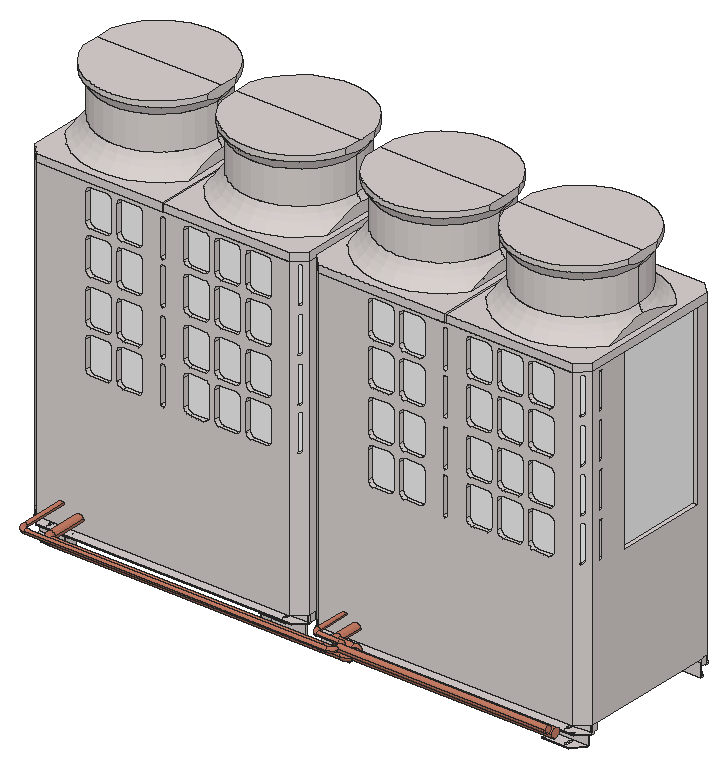
Revit family "PURY-EP900YSNW-A1", category 機械設備, Revit 2016
Family settings
  パーツ タイプ = 標準
  丸型コネクタ寸法 = 半径を使用
  OmniClass 番号 = 23.75.00.00
  OmniClass タイトル = Climate Control (HVAC)
  作業面に基づく = いいえ
  常に垂直 = はい
  ロード時にボイドで切り取り = いいえ
  共有 = いいえ
  部屋の計算ポイント = いいえ
Parameters (values of type "PURY-EP900YSNW-A1_415V_60Hz")
  WarrantyStart = ""
  Temp. range of cooling (Outdoor temp.) (D.B.) = "-5.0 to 52.0"
  Temp. range of cooling (Indoor temp.) (W.B.) = "15.0 to 24.0"
  TagNumber = 0
  SerialNumber = 0
  ReplacementYear = ""
  Outdoor unit 2 Breaker size (A) = 60
  Outdoor unit 1 Breaker size (A) = 60
  Note_1 = "Refrigerant pipe diameters may change depending on the installation condition. Please refer to the installation manual."
  モデル = "PURY-EP900YSNW-A1"
  Width = 2510.000 mm
  Voltage = 415 V
  Unit Weight (kg) = 602
  URL = "http://www.mitsubishielectric.com/"
  Temp. range of heating (Outdoor temp.) (W.B.) = "-20.0 to 15.5"
  Temp. range of heating (Indoor temp.) (D.B.) = "15.0 to 27.0"
  Subcategory = "HVAC"
  Space View = yes
  Sound Pressure Level (dB(A)) Heating mode = 73
  Sound Pressure Level (dB(A)) Cooling mode = 68.5
  Refrigerant type = "R410A"
  Refrigerant Charge (kg) = 21.6
  Protection Devices_Inverter circuit (COMP./FAN) = "Over-current protection"
  Protection Devices_High pressure (MPa) = "High pressure sensor, High pressure switch at 4.15"
  Phase = 3
  製造元 = "Mitsubishi Electric Corporation"
  Outdoor unit 2 = PURY-EP450YNW-A1 : PURY-EP450YNW-A1
  Outdoor unit 1 = PURY-EP450YNW-A1 : PURY-EP450YNW-A1
  Maximum Circuit Ampacity (A) = 69.2
  Low pressure pipe_radius = 20.640 mm
  InstallationDate = ""
  Indoor Unit Total Capacity = "50 to 150% of outdoor unit capacity"
  Indoor Unit Model/Quantity = "P10 to P250/2 to 50"
  High pressure pipe_radius = 14.290 mm
  Hertz = 60 Hz
  Height = 1858.000 mm
  Heating SCOP (kW/kW) = 3.97
  Heating Rated Load Ampacity (A) = 46.9
  Heating Power Input (kW) = 30.37
  Heating Power Input (Nominal) (kW) = 25.31
  Heating Current Input (Nominal) (A) = 39.1
  Heating Current Input (A) = 46.9
  Heating Capacity (kW) = 113
  Heating Capacity (Nominal) (kW) = 101
  Heating COP (kW/kW) = 3.72
  Heating COP (Nominal) (kW/kW) = 3.99
  Fan_Type = "Propeller Fan"
  Fan_Quantity = 4
  Fan Motor Output (kW) = 1.84
  External static pressure (Pa) = 0
  External Finish = "Pre-coated galvanized steel sheets (+powder coating for -BS type) <MUNSELL 5Y 8/1 or similar>"
  Equip_description = ""
  Equip_No. = 0
  Equip_ID = ""
  Description = ""
  Depth = 740.000 mm
  CreatedOn = ""
  CreatedBy = ""
  Cooling SEER (kW/kW) = 6.56
  Cooling Rated Load Ampacity (A) = 44.5
  Cooling Power Input (kW) = 28.85
  Cooling EER (kW/kW) = 3.5
  Cooling Current Input (A) = 44.5
  Cooling Capacity (kW) = 101
  Compressor_Type = "Inverter scroll hermetic compressor"
  Compressor_Quantity = 2
  Compressor_Lubricant = "MEL32"
  Compressor Motor Output (kW) = 23.4
  Category = ""
  Barcode = ""
  AssetIdentifier = ""
  Airflow Rate (m3/min) = 630
  Airflow Rate (m3/h) = 37800
Reference planes
  plane 1 "Center (Front/Back)": y = 0
  plane 2: z = 0
  plane 3 "Center (Left/Right)": x = 0
  plane 4: y = 370
  plane 5 "front": y = -370
  plane 6: x = -1255
  plane 7: x = 1255
  plane 8: x = 15
  plane 9: x = -15
  plane 10: z = 1858
Forms (mm)
  Sweep 1, solid, material "Copper"
    path origin (1017.215, -4.248, 187) x (0, -1, 0) y (1, 0, 0)
      loop
        line (360, -2112.386) -> (570, -2112.386)
        arc (570, -2112.386) -> (591.213, -2103.6) -> (600, -2082.386) r 30
        line (600, -2082.386) -> (600, -725.507)
        arc (600, -725.507) -> (594.142, -711.365) -> (580, -705.507) r 20
        line (580, -705.507) -> (552.385, -705.507)
        arc (552.385, -705.507) -> (538.243, -711.365) -> (532.385, -725.507) r 20
        line (532.385, -725.507) -> (532.385, -821.501)
        arc (532.385, -821.501) -> (526.527, -835.643) -> (512.385, -841.501) r 20
        line (512.385, -841.501) -> (357.385, -841.501)
    profile origin (-1095.172, -469.248, 187) x (1, 0, 0) y (0, 0, 1)
      loop
        circle (0, 0) r 9.525
  Sweep 2, solid, material "Copper"
    path origin (1039.386, -4.248, 155) x (0, -1, 0) y (1, 0, 0)
      loop
        line (360, -2053) -> (525, -2053)
        arc (525, -2053) -> (546.213, -2044.213) -> (555, -2023) r 30
        line (555, -2023) -> (555, -800.253) -> (555, -715.253)
        arc (555, -715.253) -> (549.142, -701.111) -> (535, -695.253) r 20
        line (535, -695.253) -> (510, -695.253)
        arc (510, -695.253) -> (495.858, -701.111) -> (490, -715.253) r 20
        line (490, -715.253) -> (490, -786.253)
        arc (490, -786.253) -> (484.142, -800.395) -> (470, -806.253) r 20
        line (470, -806.253) -> (360, -806.253)
    profile origin (-1013.614, -446.748, 155) x (1, 0, 0) y (0, 0, 1)
      loop
        circle (0, 0) r 17.465
  Sweep 3, solid, material "Copper"
    path origin (934.386, -4.248, 187) x (0, -1, 0) y (1, 0, 0)
      loop
        line (565.96, -620) -> (565.96, 320.614)
    profile origin (784.693, -570.208, 187) x (0, 1, 0) y (0, 0, 1)
      loop
        circle (0, 0) r 14.29
  Sweep 4, solid, material "Copper"
    path origin (934.386, -4.248, 155.027) x (-1, 0, 0) y (0, -1, 0)
      loop
        line (585, 523.84) -> (-320, 523.84)
    profile origin (801.886, -528.088, 155.027) x (0, 1, 0) y (0, 0, 1)
      loop
        circle (0, 0) r 20.64
Dimensions and locks
  nested 1 to nested 1 = 1240.000 mm
  nested 1 to nested 2 to nested 2 = 30.000 mm, 1240.000 mm
  "High pressure pipe_radius": radius of Sweep 3 sketch curve
  "Low pressure pipe_radius": radius of Sweep 4 sketch curve
  aligned and locked: level to plane 2
Automatic sketch dimensions
  Sweep 1 sketch curve to plane 5 "front" = 8.366 mm
  Sweep 1 sketch curve to plane 5 "front" = 5.752 mm
  plane 5 "front" to Sweep 1 sketch curve = 146.634 mm
  Sweep 1 sketch curve to Sweep 1 sketch curve = 20.000 mm  (x2)
  plane 5 "front" to Sweep 1 sketch curve = 204.248 mm
  Sweep 1 sketch curve to Sweep 1 sketch curve = 27.615 mm
  Sweep 1 sketch curve to Sweep 1 sketch curve = 30.000 mm
  plane 6 to Sweep 1 sketch curve = 159.828 mm
  plane 3 "Center (Left/Right)" to Sweep 1 sketch curve = 175.714 mm
  Sweep 1 sketch curve to Sweep 1 sketch curve = 95.994 mm
  profile plane to Sweep 1 sketch curve = 0.000 mm
  Sweep 1 sketch curve to profile plane = 0.000 mm
  Sweep 2 sketch curve to plane 5 "front" = 5.752 mm  (x2)
  plane 5 "front" to Sweep 2 sketch curve = 104.248 mm
  Sweep 2 sketch curve to Sweep 2 sketch curve = 20.000 mm  (x3)
  plane 5 "front" to Sweep 2 sketch curve = 159.248 mm
  Sweep 2 sketch curve to Sweep 2 sketch curve = 25.000 mm
  plane 6 to Sweep 2 sketch curve = 241.386 mm
  plane 3 "Center (Left/Right)" to Sweep 2 sketch curve = 239.134 mm
  Sweep 2 sketch curve to Sweep 2 sketch curve = 6.000 mm
  Sweep 2 sketch curve to Sweep 2 sketch curve = 71.000 mm
  profile plane to Sweep 2 sketch curve = 0.000 mm
  Sweep 2 sketch curve to profile plane = 0.000 mm
  Sweep 3 sketch curve to plane 7 = 0.000 mm
  plane 5 "front" to Sweep 3 sketch curve = 200.208 mm
  plane 8 to Sweep 3 sketch curve = 299.386 mm
  Sweep 4 sketch curve to plane 7 = 0.614 mm
  plane 5 "front" to Sweep 4 sketch curve = 158.088 mm
  plane 8 to Sweep 4 sketch curve = 334.386 mm
  Sweep 3 sketch curve to profile plane = 0.000 mm  (x2)
  Sweep 4 sketch curve to profile plane = 0.000 mm  (x2)
  radius of Sweep 1 sketch curve = 9.525 mm
  radius of Sweep 2 sketch curve = 17.465 mm
Nested families
  nested 1: "PURY-EP450YNW-A1" at (-635, 0, 0), type <- "Outdoor unit 1", type "PURY-EP450YNW-A1"
  nested 2: "PURY-EP450YNW-A1" at (635, 0, 0), type <- "Outdoor unit 2", type "PURY-EP450YNW-A1"
Connectors
  piping at (1254.386, -528.088, 155.027), diameter 41.28, driven by "Low pressure pipe_radius"
    settings: on Sweep 4, index 1, connector inside diameter 41.28 mm, connector length 0.000 mm, flow factor 0, pipe flow 0.0 L/s, pressure drop 0.0 Pa, fitting loss kfactor 0, connector angle 0.00°, fixture units 0, engagement length 0.000 mm, angle of deflection 0.00°, flow configuration 0, flow direction 0, fitting loss method 0, system type 22, joint type 0, gender type 0, connector reference index -1, connector utility 0, adjustable connector no, is connector primary yes, connector description "BC controller-Twinning pipe(Low pressure)"
  piping at (1255, -570.208, 187), diameter 28.58, driven by "High pressure pipe_radius"
    settings: on Sweep 3, index 2, connector inside diameter 28.58 mm, connector length 0.000 mm, flow factor 0, pipe flow 0.0 L/s, pressure drop 0.0 Pa, fitting loss kfactor 0, connector angle 0.00°, fixture units 0, engagement length 0.000 mm, angle of deflection 0.00°, flow configuration 0, flow direction 0, fitting loss method 0, system type 22, joint type 0, gender type 0, connector reference index -1, connector utility 0, adjustable connector no, is connector primary no, connector description "BC controller-Twinning pipe(High pressure)"
  electrical at (319, -370, 280), driven by "Phase", driven by "Voltage"
    settings: index 4, voltage 415 V, apparent load 0 VA, apparent load phase1 0 VA, apparent load phase2 0 VA, apparent load phase3 0 VA, power factor 1, load classification "HVAC", number of poles 3, system type 30, power factor state 1, is connector primary yes, connector utility no, sub classification motor no, connector description ""
  electrical at (-633, -370, 280), driven by "Phase", driven by "Voltage"
    settings: index 5, voltage 415 V, apparent load 0 VA, apparent load phase1 0 VA, apparent load phase2 0 VA, apparent load phase3 0 VA, power factor 1, load classification "HVAC", number of poles 3, system type 30, power factor state 1, is connector primary no, connector utility no, sub classification motor no, connector description ""
Definition of nested family "PURY-EP450YNW-A1"
  Parameters
    Model = "PURY-P450YNW-A"
    URL = "http://www.mitsubishielectric.com/"
    Manufacturer = "Mitsubishi Electric Corporation"
    Liquid pipe_radius = 12.700 mm
    Gas pipe_radius = 14.290 mm
  Reference planes
    plane 1 "Center (Front/Back)": y = 0
    plane 2: z = 0
    plane 3 "Center (Left/Right)": x = 0
    plane 4: y = 370
    plane 5: z = 1858
    plane 6: y = -260
    plane 7: y = -204
    plane 8: y = -185
    plane 9: x = -620
    plane 10: x = 620
    plane 11: x = -620
    plane 12: z = 716
    plane 13: x = -524
    plane 14: z = 669
    plane 15: x = -50.5
    plane 16: x = 51
    plane 17: x = 489
    plane 18: x = 467
    plane 19 "132": x = 488
    plane 20 "100": z = 160
    plane 21: z = 185
    plane 22: x = 413
    plane 23: x = 364
    plane 24: z = 150
    plane 25: x = -287.25
    plane 26: x = -137.25
    plane 27: x = -272.25
    plane 28: y = -278
    plane 29: z = 1509
    plane 30: y = -370
    plane 31: x = -530
    plane 32: x = 530
    plane 33 "179": y = -191
  Forms (mm)
    Extrusion 1, solid
      sketch origin (-1, 0, 113) x (-1, 0, 0) y (0, -1, 0)
        loop
          line (569, -370) -> (619, -320) -> (619, 320) -> (569, 370) -> (-571, 370) -> (-621, 320) -> (-621, -320) -> (-571, -370) -> (569, -370)
      from -18 to 1408
    Extrusion 2, void
      sketch origin (524, -370, 113) x (1, 0, 0) y (0, 0, -1)
        loop
          arc (-60.8, -1393.5) -> (-42.557, -1385.943) -> (-35, -1367.7) r 25.8
          line (-35, -1367.7) -> (-35, -1248.5)
          arc (-35, -1248.5) -> (-42.557, -1230.257) -> (-60.8, -1222.7) r 25.8
          line (-60.8, -1222.7) -> (-126, -1222.7)
          arc (-126, -1222.7) -> (-144.243, -1230.257) -> (-151.8, -1248.5) r 25.8
          line (-151.8, -1248.5) -> (-151.8, -1367.7)
          arc (-151.8, -1367.7) -> (-144.243, -1385.943) -> (-126, -1393.5) r 25.8
          line (-126, -1393.5) -> (-60.8, -1393.5)
      from 0 to 20
    Extrusion 3, void
      sketch origin (524, -370, -81) x (1, 0, 0) y (0, 0, -1)
        loop
          arc (-60.8, -1393.5) -> (-42.557, -1385.943) -> (-35, -1367.7) r 25.8
          line (-35, -1367.7) -> (-35, -1248.5)
          arc (-35, -1248.5) -> (-42.557, -1230.257) -> (-60.8, -1222.7) r 25.8
          line (-60.8, -1222.7) -> (-126, -1222.7)
          arc (-126, -1222.7) -> (-144.243, -1230.257) -> (-151.8, -1248.5) r 25.8
          line (-151.8, -1248.5) -> (-151.8, -1367.7)
          arc (-151.8, -1367.7) -> (-144.243, -1385.943) -> (-126, -1393.5) r 25.8
          line (-126, -1393.5) -> (-60.8, -1393.5)
      from 0 to 20
    Extrusion 4, void
      sketch origin (524, -370, -287) x (1, 0, 0) y (0, 0, -1)
        loop
          arc (-60.8, -1393.5) -> (-42.557, -1385.943) -> (-35, -1367.7) r 25.8
          line (-35, -1367.7) -> (-35, -1248.5)
          arc (-35, -1248.5) -> (-42.557, -1230.257) -> (-60.8, -1222.7) r 25.8
          line (-60.8, -1222.7) -> (-126, -1222.7)
          arc (-126, -1222.7) -> (-144.243, -1230.257) -> (-151.8, -1248.5) r 25.8
          line (-151.8, -1248.5) -> (-151.8, -1367.7)
          arc (-151.8, -1367.7) -> (-144.243, -1385.943) -> (-126, -1393.5) r 25.8
          line (-126, -1393.5) -> (-60.8, -1393.5)
      from 0 to 20
    Extrusion 5, void
      sketch origin (524, -370, -481) x (1, 0, 0) y (0, 0, -1)
        loop
          arc (-60.8, -1393.5) -> (-42.557, -1385.943) -> (-35, -1367.7) r 25.8
          line (-35, -1367.7) -> (-35, -1248.5)
          arc (-35, -1248.5) -> (-42.557, -1230.257) -> (-60.8, -1222.7) r 25.8
          line (-60.8, -1222.7) -> (-126, -1222.7)
          arc (-126, -1222.7) -> (-144.243, -1230.257) -> (-151.8, -1248.5) r 25.8
          line (-151.8, -1248.5) -> (-151.8, -1367.7)
          arc (-151.8, -1367.7) -> (-144.243, -1385.943) -> (-126, -1393.5) r 25.8
          line (-126, -1393.5) -> (-60.8, -1393.5)
      from 0 to 20
    Extrusion 6, void
      sketch origin (384, -370, 113) x (1, 0, 0) y (0, 0, -1)
        loop
          arc (-60.8, -1393.5) -> (-42.557, -1385.943) -> (-35, -1367.7) r 25.8
          line (-35, -1367.7) -> (-35, -1248.5)
          arc (-35, -1248.5) -> (-42.557, -1230.257) -> (-60.8, -1222.7) r 25.8
          line (-60.8, -1222.7) -> (-126, -1222.7)
          arc (-126, -1222.7) -> (-144.243, -1230.257) -> (-151.8, -1248.5) r 25.8
          line (-151.8, -1248.5) -> (-151.8, -1367.7)
          arc (-151.8, -1367.7) -> (-144.243, -1385.943) -> (-126, -1393.5) r 25.8
          line (-126, -1393.5) -> (-60.8, -1393.5)
      from 0 to 20
    Extrusion 7, void
      sketch origin (384, -370, -81) x (1, 0, 0) y (0, 0, -1)
        loop
          arc (-60.8, -1393.5) -> (-42.557, -1385.943) -> (-35, -1367.7) r 25.8
          line (-35, -1367.7) -> (-35, -1248.5)
          arc (-35, -1248.5) -> (-42.557, -1230.257) -> (-60.8, -1222.7) r 25.8
          line (-60.8, -1222.7) -> (-126, -1222.7)
          arc (-126, -1222.7) -> (-144.243, -1230.257) -> (-151.8, -1248.5) r 25.8
          line (-151.8, -1248.5) -> (-151.8, -1367.7)
          arc (-151.8, -1367.7) -> (-144.243, -1385.943) -> (-126, -1393.5) r 25.8
          line (-126, -1393.5) -> (-60.8, -1393.5)
      from 0 to 20
    Extrusion 8, void
      sketch origin (384, -370, -287) x (1, 0, 0) y (0, 0, -1)
        loop
          arc (-60.8, -1393.5) -> (-42.557, -1385.943) -> (-35, -1367.7) r 25.8
          line (-35, -1367.7) -> (-35, -1248.5)
          arc (-35, -1248.5) -> (-42.557, -1230.257) -> (-60.8, -1222.7) r 25.8
          line (-60.8, -1222.7) -> (-126, -1222.7)
          arc (-126, -1222.7) -> (-144.243, -1230.257) -> (-151.8, -1248.5) r 25.8
          line (-151.8, -1248.5) -> (-151.8, -1367.7)
          arc (-151.8, -1367.7) -> (-144.243, -1385.943) -> (-126, -1393.5) r 25.8
          line (-126, -1393.5) -> (-60.8, -1393.5)
      from 0 to 20
    Extrusion 9, void
      sketch origin (384, -370, -481) x (1, 0, 0) y (0, 0, -1)
        loop
          arc (-60.8, -1393.5) -> (-42.557, -1385.943) -> (-35, -1367.7) r 25.8
          line (-35, -1367.7) -> (-35, -1248.5)
          arc (-35, -1248.5) -> (-42.557, -1230.257) -> (-60.8, -1222.7) r 25.8
          line (-60.8, -1222.7) -> (-126, -1222.7)
          arc (-126, -1222.7) -> (-144.243, -1230.257) -> (-151.8, -1248.5) r 25.8
          line (-151.8, -1248.5) -> (-151.8, -1367.7)
          arc (-151.8, -1367.7) -> (-144.243, -1385.943) -> (-126, -1393.5) r 25.8
          line (-126, -1393.5) -> (-60.8, -1393.5)
      from 0 to 20
    Extrusion 10, void
      sketch origin (244, -370, 113) x (1, 0, 0) y (0, 0, -1)
        loop
          arc (-60.8, -1393.5) -> (-42.557, -1385.943) -> (-35, -1367.7) r 25.8
          line (-35, -1367.7) -> (-35, -1248.5)
          arc (-35, -1248.5) -> (-42.557, -1230.257) -> (-60.8, -1222.7) r 25.8
          line (-60.8, -1222.7) -> (-126, -1222.7)
          arc (-126, -1222.7) -> (-144.243, -1230.257) -> (-151.8, -1248.5) r 25.8
          line (-151.8, -1248.5) -> (-151.8, -1367.7)
          arc (-151.8, -1367.7) -> (-144.243, -1385.943) -> (-126, -1393.5) r 25.8
          line (-126, -1393.5) -> (-60.8, -1393.5)
      from 0 to 20
    Extrusion 11, void
      sketch origin (244, -370, -81) x (1, 0, 0) y (0, 0, -1)
        loop
          arc (-60.8, -1393.5) -> (-42.557, -1385.943) -> (-35, -1367.7) r 25.8
          line (-35, -1367.7) -> (-35, -1248.5)
          arc (-35, -1248.5) -> (-42.557, -1230.257) -> (-60.8, -1222.7) r 25.8
          line (-60.8, -1222.7) -> (-126, -1222.7)
          arc (-126, -1222.7) -> (-144.243, -1230.257) -> (-151.8, -1248.5) r 25.8
          line (-151.8, -1248.5) -> (-151.8, -1367.7)
          arc (-151.8, -1367.7) -> (-144.243, -1385.943) -> (-126, -1393.5) r 25.8
          line (-126, -1393.5) -> (-60.8, -1393.5)
      from 0 to 20
    Extrusion 12, void
      sketch origin (244, -370, -287) x (1, 0, 0) y (0, 0, -1)
        loop
          arc (-60.8, -1393.5) -> (-42.557, -1385.943) -> (-35, -1367.7) r 25.8
          line (-35, -1367.7) -> (-35, -1248.5)
          arc (-35, -1248.5) -> (-42.557, -1230.257) -> (-60.8, -1222.7) r 25.8
          line (-60.8, -1222.7) -> (-126, -1222.7)
          arc (-126, -1222.7) -> (-144.243, -1230.257) -> (-151.8, -1248.5) r 25.8
          line (-151.8, -1248.5) -> (-151.8, -1367.7)
          arc (-151.8, -1367.7) -> (-144.243, -1385.943) -> (-126, -1393.5) r 25.8
          line (-126, -1393.5) -> (-60.8, -1393.5)
      from 0 to 20
    Extrusion 13, void
      sketch origin (244, -370, -481) x (1, 0, 0) y (0, 0, -1)
        loop
          arc (-60.8, -1393.5) -> (-42.557, -1385.943) -> (-35, -1367.7) r 25.8
          line (-35, -1367.7) -> (-35, -1248.5)
          arc (-35, -1248.5) -> (-42.557, -1230.257) -> (-60.8, -1222.7) r 25.8
          line (-60.8, -1222.7) -> (-126, -1222.7)
          arc (-126, -1222.7) -> (-144.243, -1230.257) -> (-151.8, -1248.5) r 25.8
          line (-151.8, -1248.5) -> (-151.8, -1367.7)
          arc (-151.8, -1367.7) -> (-144.243, -1385.943) -> (-126, -1393.5) r 25.8
          line (-126, -1393.5) -> (-60.8, -1393.5)
      from 0 to 20
    Extrusion 14, void
      sketch origin (-56, -370, 113) x (1, 0, 0) y (0, 0, -1)
        loop
          arc (-60.8, -1393.5) -> (-42.557, -1385.943) -> (-35, -1367.7) r 25.8
          line (-35, -1367.7) -> (-35, -1248.5)
          arc (-35, -1248.5) -> (-42.557, -1230.257) -> (-60.8, -1222.7) r 25.8
          line (-60.8, -1222.7) -> (-126, -1222.7)
          arc (-126, -1222.7) -> (-144.243, -1230.257) -> (-151.8, -1248.5) r 25.8
          line (-151.8, -1248.5) -> (-151.8, -1367.7)
          arc (-151.8, -1367.7) -> (-144.243, -1385.943) -> (-126, -1393.5) r 25.8
          line (-126, -1393.5) -> (-60.8, -1393.5)
      from 0 to 20
    Extrusion 15, void
      sketch origin (-56, -370, -81) x (1, 0, 0) y (0, 0, -1)
        loop
          arc (-60.8, -1393.5) -> (-42.557, -1385.943) -> (-35, -1367.7) r 25.8
          line (-35, -1367.7) -> (-35, -1248.5)
          arc (-35, -1248.5) -> (-42.557, -1230.257) -> (-60.8, -1222.7) r 25.8
          line (-60.8, -1222.7) -> (-126, -1222.7)
          arc (-126, -1222.7) -> (-144.243, -1230.257) -> (-151.8, -1248.5) r 25.8
          line (-151.8, -1248.5) -> (-151.8, -1367.7)
          arc (-151.8, -1367.7) -> (-144.243, -1385.943) -> (-126, -1393.5) r 25.8
          line (-126, -1393.5) -> (-60.8, -1393.5)
      from 0 to 20
    Extrusion 16, void
      sketch origin (-56, -370, -287) x (1, 0, 0) y (0, 0, -1)
        loop
          arc (-60.8, -1393.5) -> (-42.557, -1385.943) -> (-35, -1367.7) r 25.8
          line (-35, -1367.7) -> (-35, -1248.5)
          arc (-35, -1248.5) -> (-42.557, -1230.257) -> (-60.8, -1222.7) r 25.8
          line (-60.8, -1222.7) -> (-126, -1222.7)
          arc (-126, -1222.7) -> (-144.243, -1230.257) -> (-151.8, -1248.5) r 25.8
          line (-151.8, -1248.5) -> (-151.8, -1367.7)
          arc (-151.8, -1367.7) -> (-144.243, -1385.943) -> (-126, -1393.5) r 25.8
          line (-126, -1393.5) -> (-60.8, -1393.5)
      from 0 to 20
    Extrusion 17, void
      sketch origin (-56, -370, -481) x (1, 0, 0) y (0, 0, -1)
        loop
          arc (-60.8, -1393.5) -> (-42.557, -1385.943) -> (-35, -1367.7) r 25.8
          line (-35, -1367.7) -> (-35, -1248.5)
          arc (-35, -1248.5) -> (-42.557, -1230.257) -> (-60.8, -1222.7) r 25.8
          line (-60.8, -1222.7) -> (-126, -1222.7)
          arc (-126, -1222.7) -> (-144.243, -1230.257) -> (-151.8, -1248.5) r 25.8
          line (-151.8, -1248.5) -> (-151.8, -1367.7)
          arc (-151.8, -1367.7) -> (-144.243, -1385.943) -> (-126, -1393.5) r 25.8
          line (-126, -1393.5) -> (-60.8, -1393.5)
      from 0 to 20
    Extrusion 18, void
      sketch origin (-196, -370, 113) x (1, 0, 0) y (0, 0, -1)
        loop
          arc (-60.8, -1393.5) -> (-42.557, -1385.943) -> (-35, -1367.7) r 25.8
          line (-35, -1367.7) -> (-35, -1248.5)
          arc (-35, -1248.5) -> (-42.557, -1230.257) -> (-60.8, -1222.7) r 25.8
          line (-60.8, -1222.7) -> (-126, -1222.7)
          arc (-126, -1222.7) -> (-144.243, -1230.257) -> (-151.8, -1248.5) r 25.8
          line (-151.8, -1248.5) -> (-151.8, -1367.7)
          arc (-151.8, -1367.7) -> (-144.243, -1385.943) -> (-126, -1393.5) r 25.8
          line (-126, -1393.5) -> (-60.8, -1393.5)
      from 0 to 20
    Extrusion 19, void
      sketch origin (-196, -370, -81) x (1, 0, 0) y (0, 0, -1)
        loop
          arc (-60.8, -1393.5) -> (-42.557, -1385.943) -> (-35, -1367.7) r 25.8
          line (-35, -1367.7) -> (-35, -1248.5)
          arc (-35, -1248.5) -> (-42.557, -1230.257) -> (-60.8, -1222.7) r 25.8
          line (-60.8, -1222.7) -> (-126, -1222.7)
          arc (-126, -1222.7) -> (-144.243, -1230.257) -> (-151.8, -1248.5) r 25.8
          line (-151.8, -1248.5) -> (-151.8, -1367.7)
          arc (-151.8, -1367.7) -> (-144.243, -1385.943) -> (-126, -1393.5) r 25.8
          line (-126, -1393.5) -> (-60.8, -1393.5)
      from 0 to 20
    Extrusion 20, void
      sketch origin (-196, -370, -287) x (1, 0, 0) y (0, 0, -1)
        loop
          arc (-60.8, -1393.5) -> (-42.557, -1385.943) -> (-35, -1367.7) r 25.8
          line (-35, -1367.7) -> (-35, -1248.5)
          arc (-35, -1248.5) -> (-42.557, -1230.257) -> (-60.8, -1222.7) r 25.8
          line (-60.8, -1222.7) -> (-126, -1222.7)
          arc (-126, -1222.7) -> (-144.243, -1230.257) -> (-151.8, -1248.5) r 25.8
          line (-151.8, -1248.5) -> (-151.8, -1367.7)
          arc (-151.8, -1367.7) -> (-144.243, -1385.943) -> (-126, -1393.5) r 25.8
          line (-126, -1393.5) -> (-60.8, -1393.5)
      from 0 to 20
    Extrusion 21, void
      sketch origin (-196, -370, -481) x (1, 0, 0) y (0, 0, -1)
        loop
          arc (-60.8, -1393.5) -> (-42.557, -1385.943) -> (-35, -1367.7) r 25.8
          line (-35, -1367.7) -> (-35, -1248.5)
          arc (-35, -1248.5) -> (-42.557, -1230.257) -> (-60.8, -1222.7) r 25.8
          line (-60.8, -1222.7) -> (-126, -1222.7)
          arc (-126, -1222.7) -> (-144.243, -1230.257) -> (-151.8, -1248.5) r 25.8
          line (-151.8, -1248.5) -> (-151.8, -1367.7)
          arc (-151.8, -1367.7) -> (-144.243, -1385.943) -> (-126, -1393.5) r 25.8
          line (-126, -1393.5) -> (-60.8, -1393.5)
      from 0 to 20
    Extrusion 22, void
      sketch origin (620, 320, 113) x (0, 1, 0) y (0, 0, -1)
        loop
          line (-462.3, -1408) -> (-50.8, -1408) -> (-50.8, -612) -> (-462.3, -612) -> (-462.3, -1408)
      from 0 to 20
    Extrusion 23, void
      sketch origin (-620, -320, 113) x (0, -1, 0) y (0, 0, -1)
        loop
          line (-535.7, -1408) -> (-207.7, -1408) -> (-207.7, -592) -> (-535.7, -592) -> (-535.7, -1408)
      from 0 to 20
    Extrusion 24, void
      sketch origin (194.892, 370, 113) x (-1, 0, 0) y (0, 0, -1)
        loop
          arc (204.892, -1225.013) -> (194.892, -1215.013) -> (184.892, -1225.013) r 10
          line (184.892, -1225.013) -> (184.892, -1379.987)
          arc (184.892, -1379.987) -> (194.892, -1389.987) -> (204.892, -1379.987) r 10
          line (204.892, -1379.987) -> (204.892, -1225.013)
        loop
          arc (204.892, -1031.013) -> (194.892, -1021.013) -> (184.892, -1031.013) r 10
          line (184.892, -1031.013) -> (184.892, -1185.987)
          arc (184.892, -1185.987) -> (194.892, -1195.987) -> (204.892, -1185.987) r 10
          line (204.892, -1185.987) -> (204.892, -1031.013)
        loop
          arc (204.892, -825.013) -> (194.892, -815.013) -> (184.892, -825.013) r 10
          line (184.892, -825.013) -> (184.892, -979.987)
          arc (184.892, -979.987) -> (194.892, -989.987) -> (204.892, -979.987) r 10
          line (204.892, -979.987) -> (204.892, -825.013)
        loop
          arc (204.892, -631.013) -> (194.892, -621.013) -> (184.892, -631.013) r 10
          line (184.892, -631.013) -> (184.892, -785.987)
          arc (184.892, -785.987) -> (194.892, -795.987) -> (204.892, -785.987) r 10
          line (204.892, -785.987) -> (204.892, -631.013)
      from 0 to 20
    Extrusion 25, void
      sketch origin (-570, 370, 113) x (0.707107, 0.707107, 0) y (0, 0, 1)
        loop
          arc (-45.355, 1236) -> (-35.355, 1226) -> (-25.355, 1236) r 10
          line (-25.355, 1236) -> (-25.355, 1386)
          arc (-25.355, 1386) -> (-35.355, 1396) -> (-45.355, 1386) r 10
          line (-45.355, 1386) -> (-45.355, 1236)
        loop
          arc (-45.355, 1036) -> (-35.355, 1026) -> (-25.355, 1036) r 10
          line (-25.355, 1036) -> (-25.355, 1186)
          arc (-25.355, 1186) -> (-35.355, 1196) -> (-45.355, 1186) r 10
          line (-45.355, 1186) -> (-45.355, 1036)
        loop
          arc (-45.355, 836) -> (-35.355, 826) -> (-25.355, 836) r 10
          line (-25.355, 836) -> (-25.355, 986)
          arc (-25.355, 986) -> (-35.355, 996) -> (-45.355, 986) r 10
          line (-45.355, 986) -> (-45.355, 836)
        loop
          arc (-45.355, 641) -> (-35.355, 631) -> (-25.355, 641) r 10
          line (-25.355, 641) -> (-25.355, 791)
          arc (-25.355, 791) -> (-35.355, 801) -> (-45.355, 791) r 10
          line (-45.355, 791) -> (-45.355, 641)
      from 0 to 20
    Extrusion 26, void
      sketch origin (-620, -320, 113) x (0, -1, 0) y (0, 0, -1)
        loop
          line (-607.846, -1035.895) -> (-607.846, -1186.105)
          arc (-607.846, -1186.105) -> (-597.846, -1196.105) -> (-587.846, -1186.105) r 10
          line (-587.846, -1186.105) -> (-587.846, -1035.895)
          arc (-587.846, -1035.895) -> (-597.846, -1025.895) -> (-607.846, -1035.895) r 10
        loop
          line (-607.846, -835.895) -> (-607.846, -986.105)
          arc (-607.846, -986.105) -> (-597.846, -996.105) -> (-587.846, -986.105) r 10
          line (-587.846, -986.105) -> (-587.846, -835.895)
          arc (-587.846, -835.895) -> (-597.846, -825.895) -> (-607.846, -835.895) r 10
        loop
          line (-607.846, -1235.895) -> (-607.846, -1386.105)
          arc (-607.846, -1386.105) -> (-597.846, -1396.105) -> (-587.846, -1386.105) r 10
          line (-587.846, -1386.105) -> (-587.846, -1235.895)
          arc (-587.846, -1235.895) -> (-597.846, -1225.895) -> (-607.846, -1235.895) r 10
        loop
          line (-607.846, -635.895) -> (-607.846, -786.105)
          arc (-607.846, -786.105) -> (-597.846, -796.105) -> (-587.846, -786.105) r 10
          line (-587.846, -786.105) -> (-587.846, -635.895)
          arc (-587.846, -635.895) -> (-597.846, -625.895) -> (-607.846, -635.895) r 10
      from 0 to 20
    Extrusion 27, void
      sketch origin (1079, -370, 113) x (1, 0, 0) y (0, 0, -1)
        loop
          arc (-1089, -1379.975) -> (-1079, -1389.975) -> (-1069, -1379.975) r 10
          line (-1069, -1379.975) -> (-1069, -1225)
          arc (-1069, -1225) -> (-1079, -1215) -> (-1089, -1225) r 10
          line (-1089, -1225) -> (-1089, -1379.975)
        loop
          arc (-1089, -1185.975) -> (-1079, -1195.975) -> (-1069, -1185.975) r 10
          line (-1069, -1185.975) -> (-1069, -1031)
          arc (-1069, -1031) -> (-1079, -1021) -> (-1089, -1031) r 10
          line (-1089, -1031) -> (-1089, -1185.975)
        loop
          arc (-1089, -979.975) -> (-1079, -989.975) -> (-1069, -979.975) r 10
          line (-1069, -979.975) -> (-1069, -825)
          arc (-1069, -825) -> (-1079, -815) -> (-1089, -825) r 10
          line (-1089, -825) -> (-1089, -979.975)
        loop
          arc (-1089, -785.975) -> (-1079, -795.975) -> (-1069, -785.975) r 10
          line (-1069, -785.975) -> (-1069, -631)
          arc (-1069, -631) -> (-1079, -621) -> (-1089, -631) r 10
          line (-1089, -631) -> (-1089, -785.975)
      from 0 to 20
    Extrusion 28, void
      sketch origin (-571, 370, 113) x (-1, 0, 0) y (0, 0, -1)
        loop
          line (-519.5, -1408) -> (-48, -1408) -> (-48, -556) -> (-519.5, -556) -> (-519.5, -1408)
      from 0 to 20
    Extrusion 29, void
      sketch origin (-571, 370, 113) x (-1, 0, 0) y (0, 0, -1)
        loop
          line (-1038, -1408) -> (-622, -1408) -> (-622, -556) -> (-1038, -556) -> (-1038, -1408)
      from 0 to 20
    Extrusion 30, void
      sketch origin (620, 320, 113) x (0, 1, 0) y (0, 0, -1)
        loop
          arc (-588, -1035.791) -> (-598, -1025.791) -> (-608, -1035.791) r 10
          line (-608, -1035.791) -> (-608, -1186)
          arc (-608, -1186) -> (-598, -1196) -> (-588, -1186) r 10
          line (-588, -1186) -> (-588, -1035.791)
        loop
          arc (-588, -835.791) -> (-598, -825.791) -> (-608, -835.791) r 10
          line (-608, -835.791) -> (-608, -986)
          arc (-608, -986) -> (-598, -996) -> (-588, -986) r 10
          line (-588, -986) -> (-588, -835.791)
        loop
          arc (-588, -1235.791) -> (-598, -1225.791) -> (-608, -1235.791) r 10
          line (-608, -1235.791) -> (-608, -1386)
          arc (-608, -1386) -> (-598, -1396) -> (-588, -1386) r 10
          line (-588, -1386) -> (-588, -1235.791)
        loop
          arc (-588, -635.791) -> (-598, -625.791) -> (-608, -635.791) r 10
          line (-608, -635.791) -> (-608, -786)
          arc (-608, -786) -> (-598, -796) -> (-588, -786) r 10
          line (-588, -786) -> (-588, -635.791)
      from 0 to 20
    Extrusion 31, void
      sketch origin (1291.751, 351.751, 113) x (0.707107, 0.707107, 0) y (0, 0, -1)
        loop
          line (-995.311, -1236) -> (-995.311, -1386)
          arc (-995.311, -1386) -> (-985.311, -1396) -> (-975.311, -1386) r 10
          line (-975.311, -1386) -> (-975.311, -1236)
          arc (-975.311, -1236) -> (-985.311, -1226) -> (-995.311, -1236) r 10
        loop
          line (-995.311, -1036) -> (-995.311, -1186)
          arc (-995.311, -1186) -> (-985.311, -1196) -> (-975.311, -1186) r 10
          line (-975.311, -1186) -> (-975.311, -1036)
          arc (-975.311, -1036) -> (-985.311, -1026) -> (-995.311, -1036) r 10
        loop
          line (-995.311, -836) -> (-995.311, -986)
          arc (-995.311, -986) -> (-985.311, -996) -> (-975.311, -986) r 10
          line (-975.311, -986) -> (-975.311, -836)
          arc (-975.311, -836) -> (-985.311, -826) -> (-995.311, -836) r 10
        loop
          line (-995.311, -641) -> (-995.311, -791)
          arc (-995.311, -791) -> (-985.311, -801) -> (-975.311, -791) r 10
          line (-975.311, -791) -> (-975.311, -641)
          arc (-975.311, -641) -> (-985.311, -631) -> (-995.311, -641) r 10
      from 0 to 20
    Extrusion 32, void
      sketch origin (0, -191, 0) x (-1, 0, 0) y (0, 0, 1)
        loop
          circle (460, 176) r 6.35
      from 0 to 78.7
    Extrusion 33, void
      sketch origin (0, -191, 0) x (-1, 0, 0) y (0, 0, 1)
        loop
          circle (377, 176) r 14.29
      from 0 to 78.7
  Cuts and joins
    Extrusion 2, Extrusion 3, Extrusion 4, Extrusion 5, Extrusion 6, Extrusion 7, Extrusion 8, Extrusion 9, Extrusion 10, Extrusion 11, Extrusion 12, Extrusion 13, Extrusion 14, Extrusion 15, Extrusion 16, Extrusion 17, Extrusion 18, Extrusion 19, Extrusion 20, Extrusion 21, Extrusion 22, Extrusion 23, Extrusion 24, Extrusion 25, Extrusion 26, Extrusion 27, Extrusion 28, Extrusion 29, Extrusion 30, Extrusion 31, Extrusion 32, Extrusion 33 cuts Extrusion 1
  Lines and regions (mm)
    model lines
      curve 1: line (-351, -291, 95) -> (-481, -291, 95)
      curve 2: line (-342, -206, 95) -> (-342, -282, 95)
      curve 3: line (-481, -197, 95) -> (-351, -197, 95)
      curve 4: line (-492, -280, 95) -> (-492, -208, 95)
      curve 5: arc (-492, -280, 95) -> (-488.778, -287.778, 95) -> (-481, -291, 95) r 11
      curve 6: arc (-351, -291, 95) -> (-344.636, -288.364, 95) -> (-342, -282, 95) r 9
      curve 7: arc (-342, -206, 95) -> (-344.636, -199.636, 95) -> (-351, -197, 95) r 9
      curve 8: arc (-481, -197, 95) -> (-488.778, -200.222, 95) -> (-492, -208, 95) r 11
      curve 9: line (-30, -370, 1521) -> (-30, -370, 95)
      curve 10: line (30, -370, 1521) -> (30, -370, 95)
      curve 11: line (-485, -370, 215) -> (-357, -370, 215)
      curve 12: line (-495, -370, 141) -> (-495, -370, 205)
      curve 13: line (-357, -370, 131) -> (-485, -370, 131)
      curve 14: line (-347, -370, 205) -> (-347, -370, 141)
      curve 15: arc (-485, -370, 215) -> (-492.071, -370, 212.071) -> (-495, -370, 205) r 10
      curve 16: arc (-495, -370, 141) -> (-492.071, -370, 133.929) -> (-485, -370, 131) r 10
      curve 17: arc (-357, -370, 131) -> (-349.929, -370, 133.929) -> (-347, -370, 141) r 10
      curve 18: arc (-347, -370, 205) -> (-349.929, -370, 212.071) -> (-357, -370, 215) r 10
      curve 19: line (-405, -370, 1521) -> (-405, -370, 716)
      curve 20: line (620, -162.3, 1521) -> (620, -162.3, 95)
      curve 21: line (620, 289.2, 1521) -> (620, 289.2, 95)
      curve 22: line (620, -162.3, 705) -> (620, 289.2, 705)
      curve 23: line (620, -162.3, 725) -> (620, 289.2, 725)
      curve 24: line (620, -76.8, 583) -> (620, 203.2, 583)
      curve 25: line (620, 203.2, 563) -> (620, -76.8, 563)
      curve 26: arc (620, -76.8, 583) -> (620, -83.871, 580.071) -> (620, -86.8, 573) r 10
      curve 27: arc (620, -76.8, 563) -> (620, -83.871, 565.929) -> (620, -86.8, 573) r 10
      curve 28: arc (620, 203.2, 583) -> (620, 210.271, 580.071) -> (620, 213.2, 573) r 10
      curve 29: arc (620, 203.2, 563) -> (620, 210.271, 565.929) -> (620, 213.2, 573) r 10
      curve 30: line (620, -76.8, 478) -> (620, 203.2, 478)
      curve 31: line (620, 203.2, 458) -> (620, -76.8, 458)
      curve 32: arc (620, -76.8, 478) -> (620, -83.871, 475.071) -> (620, -86.8, 468) r 10
      curve 33: arc (620, -76.8, 458) -> (620, -83.871, 460.929) -> (620, -86.8, 468) r 10
      curve 34: arc (620, 203.2, 478) -> (620, 210.271, 475.071) -> (620, 213.2, 468) r 10
      curve 35: arc (620, 203.2, 458) -> (620, 210.271, 460.929) -> (620, 213.2, 468) r 10
      curve 36: line (620, -76.8, 373) -> (620, 203.2, 373)
      curve 37: line (620, 203.2, 353) -> (620, -76.8, 353)
      curve 38: arc (620, -76.8, 373) -> (620, -83.871, 370.071) -> (620, -86.8, 363) r 10
      curve 39: arc (620, -76.8, 353) -> (620, -83.871, 355.929) -> (620, -86.8, 363) r 10
      curve 40: arc (620, 203.2, 373) -> (620, 210.271, 370.071) -> (620, 213.2, 363) r 10
      curve 41: arc (620, 203.2, 353) -> (620, 210.271, 355.929) -> (620, 213.2, 363) r 10
      curve 42: line (620, -76.8, 268) -> (620, 203.2, 268)
      curve 43: line (620, 203.2, 248) -> (620, -76.8, 248)
      curve 44: arc (620, -76.8, 268) -> (620, -83.871, 265.071) -> (620, -86.8, 258) r 10
      curve 45: arc (620, -76.8, 248) -> (620, -83.871, 250.929) -> (620, -86.8, 258) r 10
      curve 46: arc (620, 203.2, 268) -> (620, 210.271, 265.071) -> (620, 213.2, 258) r 10
      curve 47: arc (620, 203.2, 248) -> (620, 210.271, 250.929) -> (620, 213.2, 258) r 10
      curve 48: line (-620, -162.3, 1521) -> (-620, -162.3, 95)
      curve 49: line (-620, 235.7, 1521) -> (-620, 235.7, 95)
      curve 50: line (-620, -112.3, 1521) -> (-620, -112.3, 705)
      curve 51: line (-620, 215.7, 1521) -> (-620, 215.7, 705)
      curve 52: line (-620, 235.7, 705) -> (-620, -162.3, 705)
      curve 53: line (-620, 176.7, 268) -> (-620, -103.3, 268)
      curve 54: line (-620, -103.3, 248) -> (-620, 176.7, 248)
      curve 55: arc (-620, 186.7, 258) -> (-620, 183.771, 265.071) -> (-620, 176.7, 268) r 10
      curve 56: arc (-620, 176.7, 248) -> (-620, 183.771, 250.929) -> (-620, 186.7, 258) r 10
      curve 57: arc (-620, -103.3, 268) -> (-620, -110.371, 265.071) -> (-620, -113.3, 258) r 10
      curve 58: arc (-620, -113.3, 258) -> (-620, -110.371, 250.929) -> (-620, -103.3, 248) r 10
      curve 59: line (-620, 176.7, 373) -> (-620, -103.3, 373)
      curve 60: line (-620, -103.3, 353) -> (-620, 176.7, 353)
      curve 61: arc (-620, 186.7, 363) -> (-620, 183.771, 370.071) -> (-620, 176.7, 373) r 10
      curve 62: arc (-620, 176.7, 353) -> (-620, 183.771, 355.929) -> (-620, 186.7, 363) r 10
      curve 63: arc (-620, -103.3, 373) -> (-620, -110.371, 370.071) -> (-620, -113.3, 363) r 10
      curve 64: arc (-620, -113.3, 363) -> (-620, -110.371, 355.929) -> (-620, -103.3, 353) r 10
      curve 65: line (-620, 176.7, 478) -> (-620, -103.3, 478)
      curve 66: line (-620, -103.3, 458) -> (-620, 176.7, 458)
      curve 67: arc (-620, 186.7, 468) -> (-620, 183.771, 475.071) -> (-620, 176.7, 478) r 10
      curve 68: arc (-620, 176.7, 458) -> (-620, 183.771, 460.929) -> (-620, 186.7, 468) r 10
      curve 69: arc (-620, -103.3, 478) -> (-620, -110.371, 475.071) -> (-620, -113.3, 468) r 10
      curve 70: arc (-620, -113.3, 468) -> (-620, -110.371, 460.929) -> (-620, -103.3, 458) r 10
      curve 71: line (-620, 176.7, 583) -> (-620, -103.3, 583)
      curve 72: line (-620, -103.3, 563) -> (-620, 176.7, 563)
      curve 73: arc (-620, 186.7, 573) -> (-620, 183.771, 580.071) -> (-620, 176.7, 583) r 10
      curve 74: arc (-620, 176.7, 563) -> (-620, 183.771, 565.929) -> (-620, 186.7, 573) r 10
      curve 75: arc (-620, -103.3, 583) -> (-620, -110.371, 580.071) -> (-620, -113.3, 573) r 10
      curve 76: arc (-620, -113.3, 573) -> (-620, -110.371, 565.929) -> (-620, -103.3, 563) r 10
      curve 77: line (-544, 370, 1521) -> (-544, 370, 95)
      curve 78: line (489, 370, 649) -> (30, 370, 649)
      curve 79: line (-30.5, 370, 649) -> (-544, 370, 649)
      curve 80: line (-147.25, 370, 584) -> (-427.25, 370, 584)
      curve 81: line (-427.25, 370, 564) -> (-147.25, 370, 564)
      curve 82: arc (-137.25, 370, 574) -> (-140.179, 370, 581.071) -> (-147.25, 370, 584) r 10
      curve 83: arc (-147.25, 370, 564) -> (-140.179, 370, 566.929) -> (-137.25, 370, 574) r 10
      curve 84: arc (-427.25, 370, 584) -> (-434.321, 370, 581.071) -> (-437.25, 370, 574) r 10
      curve 85: arc (-437.25, 370, 574) -> (-434.321, 370, 566.929) -> (-427.25, 370, 564) r 10
      curve 86: circle (448, -185, 1521) r 15 normal (0, 0, 1)
      curve 87: circle (468, -185, 95) r 26 normal (0, 0, 1)
      curve 88: circle (448, -260, 95) r 32.5 normal (0, 0, 1)
      curve 89: circle (404, -204, 95) r 17 normal (0, 0, 1)
      curve 90: line (-550, -370, 1521) -> (-550, -370, 95)
      curve 91: line (-550, -370, 716) -> (-30, -370, 716)
      curve 92: line (550, -370, 95) -> (550, -370, 1521)
      curve 93: line (30, -370, 716) -> (550, -370, 716)
      curve 94: line (-30.5, 370, 1521) -> (-30.5, 370, 95)
      curve 95: line (30, 370, 1521) -> (30, 370, 95)
      curve 96: line (489, 370, 1521) -> (489, 370, 95)
      curve 97: line (467, 370, 669) -> (467, 370, 649)
      curve 98: line (-352, -370, 223) -> (-550, -370, 223)
      curve 99: line (-342, -370, 213) -> (-342, -370, 95)
      curve 100: arc (-342, -370, 213) -> (-344.929, -370, 220.071) -> (-352, -370, 223) r 10
      curve 101: circle (488, -370, 160) r 32.5 normal (0, -1, 0)
      curve 102: circle (488, -370, 160) r 20 normal (0, -1, 0)
      curve 103: circle (364, -370, 150) r 17 normal (0, -1, 0)
      curve 104: circle (413, -370, 185) r 26 normal (0, -1, 0)
      curve 105: circle (413, -370, 185) r 13.5 normal (0, -1, 0)
      curve 106: line (352, -370, 223) -> (550, -370, 223)
      curve 107: line (342, -370, 213) -> (342, -370, 95)
      curve 108: arc (342, -370, 213) -> (344.929, -370, 220.071) -> (352, -370, 223) r 10
      curve 109: line (-147.25, 370, 479) -> (-427.25, 370, 479)
      curve 110: line (-427.25, 370, 459) -> (-147.25, 370, 459)
      curve 111: arc (-137.25, 370, 469) -> (-140.179, 370, 476.071) -> (-147.25, 370, 479) r 10
      curve 112: arc (-147.25, 370, 459) -> (-140.179, 370, 461.929) -> (-137.25, 370, 469) r 10
      curve 113: arc (-427.25, 370, 479) -> (-434.321, 370, 476.071) -> (-437.25, 370, 469) r 10
      curve 114: arc (-437.25, 370, 469) -> (-434.321, 370, 461.929) -> (-427.25, 370, 459) r 10
      curve 115: line (-147.25, 370, 374) -> (-427.25, 370, 374)
      curve 116: line (-427.25, 370, 354) -> (-147.25, 370, 354)
      curve 117: arc (-137.25, 370, 364) -> (-140.179, 370, 371.071) -> (-147.25, 370, 374) r 10
      curve 118: arc (-147.25, 370, 354) -> (-140.179, 370, 356.929) -> (-137.25, 370, 364) r 10
      curve 119: arc (-427.25, 370, 374) -> (-434.321, 370, 371.071) -> (-437.25, 370, 364) r 10
      curve 120: arc (-437.25, 370, 364) -> (-434.321, 370, 356.929) -> (-427.25, 370, 354) r 10
      curve 121: line (-147.25, 370, 269) -> (-427.25, 370, 269)
      curve 122: line (-427.25, 370, 249) -> (-147.25, 370, 249)
      curve 123: arc (-137.25, 370, 259) -> (-140.179, 370, 266.071) -> (-147.25, 370, 269) r 10
      curve 124: arc (-147.25, 370, 249) -> (-140.179, 370, 251.929) -> (-137.25, 370, 259) r 10
      curve 125: arc (-427.25, 370, 269) -> (-434.321, 370, 266.071) -> (-437.25, 370, 259) r 10
      curve 126: arc (-437.25, 370, 259) -> (-434.321, 370, 251.929) -> (-427.25, 370, 249) r 10
      curve 127: line (399.5, 370, 584) -> (119.5, 370, 584)
      curve 128: line (119.5, 370, 564) -> (399.5, 370, 564)
      curve 129: arc (409.5, 370, 574) -> (406.571, 370, 581.071) -> (399.5, 370, 584) r 10
      curve 130: arc (399.5, 370, 564) -> (406.571, 370, 566.929) -> (409.5, 370, 574) r 10
      curve 131: arc (119.5, 370, 584) -> (112.429, 370, 581.071) -> (109.5, 370, 574) r 10
      curve 132: arc (109.5, 370, 574) -> (112.429, 370, 566.929) -> (119.5, 370, 564) r 10
      curve 133: line (399.5, 370, 479) -> (119.5, 370, 479)
      curve 134: line (119.5, 370, 459) -> (399.5, 370, 459)
      curve 135: arc (409.5, 370, 469) -> (406.571, 370, 476.071) -> (399.5, 370, 479) r 10
      curve 136: arc (399.5, 370, 459) -> (406.571, 370, 461.929) -> (409.5, 370, 469) r 10
      curve 137: arc (119.5, 370, 479) -> (112.429, 370, 476.071) -> (109.5, 370, 469) r 10
      curve 138: arc (109.5, 370, 469) -> (112.429, 370, 461.929) -> (119.5, 370, 459) r 10
      curve 139: line (399.5, 370, 374) -> (119.5, 370, 374)
      curve 140: line (119.5, 370, 354) -> (399.5, 370, 354)
      curve 141: arc (409.5, 370, 364) -> (406.571, 370, 371.071) -> (399.5, 370, 374) r 10
      curve 142: arc (399.5, 370, 354) -> (406.571, 370, 356.929) -> (409.5, 370, 364) r 10
      curve 143: arc (119.5, 370, 374) -> (112.429, 370, 371.071) -> (109.5, 370, 364) r 10
      curve 144: arc (109.5, 370, 364) -> (112.429, 370, 356.929) -> (119.5, 370, 354) r 10
      curve 145: line (399.5, 370, 269) -> (119.5, 370, 269)
      curve 146: line (119.5, 370, 249) -> (399.5, 370, 249)
      curve 147: arc (409.5, 370, 259) -> (406.571, 370, 266.071) -> (399.5, 370, 269) r 10
      curve 148: arc (399.5, 370, 249) -> (406.571, 370, 251.929) -> (409.5, 370, 259) r 10
      curve 149: arc (119.5, 370, 269) -> (112.429, 370, 266.071) -> (109.5, 370, 259) r 10
      curve 150: arc (109.5, 370, 259) -> (112.429, 370, 251.929) -> (119.5, 370, 249) r 10
      curve 151: line (399.5, -370, 584) -> (119.5, -370, 584)
      curve 152: line (119.5, -370, 564) -> (399.5, -370, 564)
      curve 153: arc (409.5, -370, 574) -> (406.571, -370, 581.071) -> (399.5, -370, 584) r 10
      curve 154: arc (399.5, -370, 564) -> (406.571, -370, 566.929) -> (409.5, -370, 574) r 10
      curve 155: arc (119.5, -370, 584) -> (112.429, -370, 581.071) -> (109.5, -370, 574) r 10
      curve 156: arc (109.5, -370, 574) -> (112.429, -370, 566.929) -> (119.5, -370, 564) r 10
      curve 157: line (399.5, -370, 479) -> (119.5, -370, 479)
      curve 158: line (119.5, -370, 459) -> (399.5, -370, 459)
      curve 159: arc (409.5, -370, 469) -> (406.571, -370, 476.071) -> (399.5, -370, 479) r 10
      curve 160: arc (399.5, -370, 459) -> (406.571, -370, 461.929) -> (409.5, -370, 469) r 10
      curve 161: arc (119.5, -370, 479) -> (112.429, -370, 476.071) -> (109.5, -370, 469) r 10
      curve 162: arc (109.5, -370, 469) -> (112.429, -370, 461.929) -> (119.5, -370, 459) r 10
      curve 163: line (399.5, -370, 374) -> (119.5, -370, 374)
      curve 164: line (119.5, -370, 354) -> (399.5, -370, 354)
      curve 165: arc (409.5, -370, 364) -> (406.571, -370, 371.071) -> (399.5, -370, 374) r 10
      curve 166: arc (399.5, -370, 354) -> (406.571, -370, 356.929) -> (409.5, -370, 364) r 10
      curve 167: arc (119.5, -370, 374) -> (112.429, -370, 371.071) -> (109.5, -370, 364) r 10
      curve 168: arc (109.5, -370, 364) -> (112.429, -370, 356.929) -> (119.5, -370, 354) r 10
      curve 169: arc (119.5, -370, 269) -> (112.429, -370, 266.071) -> (109.5, -370, 259) r 10
      curve 170: arc (109.5, -370, 259) -> (112.429, -370, 251.929) -> (119.5, -370, 249) r 10
      curve 171: line (-147.25, -370, 584) -> (-427.25, -370, 584)
      curve 172: line (-427.25, -370, 564) -> (-147.25, -370, 564)
      curve 173: arc (-137.25, -370, 574) -> (-140.179, -370, 581.071) -> (-147.25, -370, 584) r 10
      curve 174: arc (-147.25, -370, 564) -> (-140.179, -370, 566.929) -> (-137.25, -370, 574) r 10
      curve 175: arc (-427.25, -370, 584) -> (-434.321, -370, 581.071) -> (-437.25, -370, 574) r 10
      curve 176: arc (-437.25, -370, 574) -> (-434.321, -370, 566.929) -> (-427.25, -370, 564) r 10
      curve 177: line (-147.25, -370, 479) -> (-427.25, -370, 479)
      curve 178: line (-427.25, -370, 459) -> (-147.25, -370, 459)
      curve 179: arc (-137.25, -370, 469) -> (-140.179, -370, 476.071) -> (-147.25, -370, 479) r 10
      curve 180: arc (-147.25, -370, 459) -> (-140.179, -370, 461.929) -> (-137.25, -370, 469) r 10
      curve 181: arc (-427.25, -370, 479) -> (-434.321, -370, 476.071) -> (-437.25, -370, 469) r 10
      curve 182: arc (-437.25, -370, 469) -> (-434.321, -370, 461.929) -> (-427.25, -370, 459) r 10
      curve 183: line (-147.25, -370, 374) -> (-427.25, -370, 374)
      curve 184: line (-427.25, -370, 354) -> (-147.25, -370, 354)
      curve 185: arc (-137.25, -370, 364) -> (-140.179, -370, 371.071) -> (-147.25, -370, 374) r 10
      curve 186: arc (-147.25, -370, 354) -> (-140.179, -370, 356.929) -> (-137.25, -370, 364) r 10
      curve 187: arc (-427.25, -370, 374) -> (-434.321, -370, 371.071) -> (-437.25, -370, 364) r 10
      curve 188: arc (-437.25, -370, 364) -> (-434.321, -370, 356.929) -> (-427.25, -370, 354) r 10
      curve 189: line (-147.25, -370, 269) -> (-262.25, -370, 269)
      curve 190: line (-262.25, -370, 249) -> (-147.25, -370, 249)
      curve 191: arc (-137.25, -370, 259) -> (-140.179, -370, 266.071) -> (-147.25, -370, 269) r 10
      curve 192: arc (-147.25, -370, 249) -> (-140.179, -370, 251.929) -> (-137.25, -370, 259) r 10
      curve 193: arc (-262.25, -370, 269) -> (-269.321, -370, 266.071) -> (-272.25, -370, 259) r 10
      curve 194: arc (-272.25, -370, 259) -> (-269.321, -370, 251.929) -> (-262.25, -370, 249) r 10
      curve 195: line (234.5, -370, 269) -> (119.5, -370, 269)
      curve 196: line (119.5, -370, 249) -> (234.5, -370, 249)
      curve 197: arc (244.5, -370, 259) -> (241.571, -370, 266.071) -> (234.5, -370, 269) r 10
      curve 198: arc (234.5, -370, 249) -> (241.571, -370, 251.929) -> (244.5, -370, 259) r 10
  Dimensions and locks
    nested 2 to nested 2 = 303.000 mm
    cut or joined group 1 (Extrusion 1, Extrusion 2, Extrusion 3, Extrusion 4, Extrusion 5, Extrusion 6, Extrusion 7, Extrusion 8, Extrusion 9, Extrusion 10, Extrusion 11, Extrusion 12, Extrusion 13, Extrusion 14, Extrusion 15, Extrusion 16, Extrusion 17, Extrusion 18, Extrusion 19, Extrusion 20, Extrusion 21, Extrusion 22, Extrusion 23, Extrusion 24, Extrusion 25, Extrusion 26, Extrusion 27, Extrusion 28, Extrusion 29, Extrusion 30, Extrusion 31, Extrusion 32, Extrusion 33) to cut or joined group 1 = 1240.000 mm
    Extrusion 2 sketch curve to Extrusion 2 sketch curve = 116.800 mm
    Extrusion 2 sketch curve to Extrusion 2 sketch curve = 170.800 mm
    Extrusion 3 sketch curve to Extrusion 3 sketch curve = 116.800 mm
    Extrusion 3 sketch curve to Extrusion 3 sketch curve = 170.800 mm
    Extrusion 4 sketch curve to Extrusion 4 sketch curve = 116.800 mm
    Extrusion 4 sketch curve to Extrusion 4 sketch curve = 170.800 mm
    Extrusion 5 sketch curve to Extrusion 5 sketch curve = 116.800 mm
    Extrusion 5 sketch curve to Extrusion 5 sketch curve = 170.800 mm
    Extrusion 6 sketch curve to Extrusion 6 sketch curve = 116.800 mm
    Extrusion 6 sketch curve to Extrusion 6 sketch curve = 170.800 mm
    Extrusion 7 sketch curve to Extrusion 7 sketch curve = 116.800 mm
    Extrusion 7 sketch curve to Extrusion 7 sketch curve = 170.800 mm
    Extrusion 8 sketch curve to Extrusion 8 sketch curve = 116.800 mm
    Extrusion 8 sketch curve to Extrusion 8 sketch curve = 170.800 mm
    Extrusion 9 sketch curve to Extrusion 9 sketch curve = 116.800 mm
    Extrusion 9 sketch curve to Extrusion 9 sketch curve = 170.800 mm
    cut or joined group 1 to cut or joined group 1 = 50.000 mm  (x2)
    Extrusion 10 sketch curve to Extrusion 10 sketch curve = 116.800 mm
    Extrusion 10 sketch curve to Extrusion 10 sketch curve = 170.800 mm
    Extrusion 11 sketch curve to Extrusion 11 sketch curve = 116.800 mm
    Extrusion 11 sketch curve to Extrusion 11 sketch curve = 170.800 mm
    Extrusion 12 sketch curve to Extrusion 12 sketch curve = 116.800 mm
    Extrusion 12 sketch curve to Extrusion 12 sketch curve = 170.800 mm
    Extrusion 13 sketch curve to Extrusion 13 sketch curve = 116.800 mm
    Extrusion 13 sketch curve to Extrusion 13 sketch curve = 170.800 mm
    Extrusion 14 sketch curve to Extrusion 14 sketch curve = 116.800 mm
    Extrusion 14 sketch curve to Extrusion 14 sketch curve = 170.800 mm
    Extrusion 15 sketch curve to Extrusion 15 sketch curve = 116.800 mm
    Extrusion 15 sketch curve to Extrusion 15 sketch curve = 170.800 mm
    Extrusion 16 sketch curve to Extrusion 16 sketch curve = 116.800 mm
    Extrusion 16 sketch curve to Extrusion 16 sketch curve = 170.800 mm
    Extrusion 17 sketch curve to Extrusion 17 sketch curve = 116.800 mm
    Extrusion 17 sketch curve to Extrusion 17 sketch curve = 170.800 mm
    Extrusion 18 sketch curve to Extrusion 18 sketch curve = 116.800 mm
    Extrusion 18 sketch curve to Extrusion 18 sketch curve = 170.800 mm
    Extrusion 19 sketch curve to Extrusion 19 sketch curve = 116.800 mm
    Extrusion 19 sketch curve to Extrusion 19 sketch curve = 170.800 mm
    Extrusion 20 sketch curve to Extrusion 20 sketch curve = 116.800 mm
    Extrusion 20 sketch curve to Extrusion 20 sketch curve = 170.800 mm
    Extrusion 21 sketch curve to Extrusion 21 sketch curve = 116.800 mm
    Extrusion 21 sketch curve to Extrusion 21 sketch curve = 170.800 mm
    plane 3 "Center (Left/Right)" to cut or joined group 1 = 620.000 mm
    cut or joined group 1 to plane 3 "Center (Left/Right)" = 620.000 mm
    Extrusion 1 sketch curve to Extrusion 1 sketch curve = 1240.000 mm
    cut or joined group 1 to plane 8 = 185.000 mm
    cut or joined group 1 to plane 7 = 166.000 mm
    cut or joined group 1 to plane 6 = 110.000 mm
